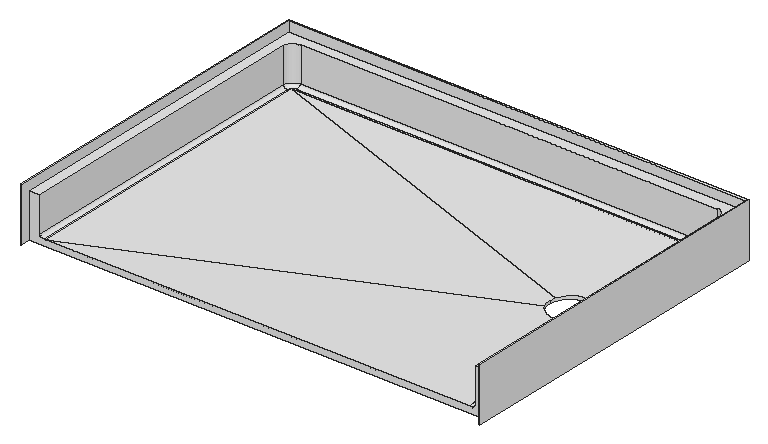
Revit family "P4834E5T,E2T,E5B,E2B", category Plumbing Fixtures, Revit 2017
Family settings
  Round Connector Dimension = Use Diameter
  Part Type = Normal
  OmniClass Number = 23.45.05.14.17
  OmniClass Title = Showers
  Work Plane-Based = No
  Always vertical = Yes
  Cut with Voids When Loaded = No
  Shared = No
  Room Calculation Point = No
Parameters (values of type "P4834E5T")
  Unit Width = 48"
  Unit Height = 5 5/8"
  Unit Depth = 35"
  URL = "http://www.bestbath.com/"
  Type Comments = "Barrier Free"
  Threshold Height = 5/8"
  Model = "P4834E5T"
  Material [instance] = Best Bath Gelcoat Fiberglass - Smooth
  Manufacturer = "Best Bath Systems, Inc."
  Keynote = "22 40 00.B3"
  Description = "Shower Pan, Traditional Bull Nose Threshold"
  Assembly Code = "D2010710"
Types (5): name | Unit Height | Threshold Height | Model | Description
  (no name) | 5 5/8" | 5/8" | "P4834E5T" | "Shower Pan, Traditional Bull Nose Threshold"
  P4834E2T | 7" | 2" | "P4834E2T" | "Shower Pan, Traditional Bull Nose Threshold"
  P4834E5T | 5 5/8" | 5/8" | "P4834E5T" | "Shower Pan, Traditional Bull Nose Threshold"
  P4834E5B | 5 5/8" | 5/8" | "P4834E5B" | "Shower Pan, Beveled Threshold"
  P4834E2B | 7" | 2" | "P4834E2B" | "Shower Pan, Beveled Threshold"
Reference planes (in)
  plane 1 "Back": y = -4.5
  plane 2: z = 0
  plane 3 "Left": x = 0
  plane 4: x = 48
  plane 5: z = 4.625
  plane 6: z = 5.625
  plane 7: x = 42
  plane 8: y = 29.5
  plane 9: y = 13.75
  plane 10: x = 1.25
  plane 11: x = 46.75
  plane 12: y = 28.25
  plane 13: z = 0.625
  plane 14: z = 0.25
  plane 15: y = -5.5
Forms (in)
  Extrusion 1, solid, material "Best Bath Gelcoat Fiberglass - Smooth"
    sketch origin (0, 0, 0) x (1, 0, 0) y (0, 1, 0)
      loop
        line (0, -4.5) -> (1.25, -4.5) -> (1.25, 27.25)
        arc (1.25, 27.25) -> (1.54289, 27.95711) -> (2.25, 28.25) r 1
        line (2.25, 28.25) -> (45.75, 28.25)
        arc (45.75, 28.25) -> (46.45711, 27.95711) -> (46.75, 27.25) r 1
        line (46.75, 27.25) -> (46.75, -4.5) -> (48, -4.5) -> (48, 29.5) -> (0, 29.5) -> (0, -4.5)
    from 0 to 4.625
  Extrusion 2, solid, material "Best Bath Gelcoat Fiberglass - Smooth"
    sketch origin (0, 0, 0) x (1, 0, 0) y (0, 1, 0)
      loop
        line (0, -4.5) -> (48, -4.5) -> (48, 29.5) -> (0, 29.5) -> (0, -4.5)
      loop
        circle (42, 13.75) r 2.125
    from 0 to 0.625
  Sweep 3, solid, material "Best Bath Gelcoat Fiberglass - Smooth"
    path origin (0, 0, 0) x (1, 0, 0) y (0, 1, 0)
      loop
        line (46.75, -4.5) -> (46.75, 27.25)
        arc (46.75, 27.25) -> (46.45711, 27.95711) -> (45.75, 28.25) r 1
        line (45.75, 28.25) -> (2.25, 28.25)
        arc (2.25, 28.25) -> (1.54289, 27.95711) -> (1.25, 27.25) r 1
        line (1.25, 27.25) -> (1.25, -4.5)
    profile origin (1.25, 11.375, 0) x (1, 0, 0) y (0, 0, 1)
      loop
        line (0, 0.625) -> (0.375, 0.625)
        arc (0.375, 0.625) -> (0.10983, 0.73483) -> (0, 1) r 0.375
        line (0, 1) -> (0, 0.625)
  Blend 4, void
    base sketch origin (0, 0, 0) x (1, 0, 0) y (0, 1, 0)
      loop
        line (1.875, -4.5) -> (46.125, -4.5) -> (46.125, 27.625) -> (1.875, 27.625) -> (1.875, -4.5)
    top sketch origin (0, 0, 0) x (1, 0, 0) y (0, 1, 0)
      loop
        circle (42, 13.75) r 0.10467
    from 0.625 to 0.25
  Extrusion 5, solid, material "Best Bath Gelcoat Fiberglass - Smooth"
    sketch origin (0, 0, 0) x (1, 0, 0) y (0, 1, 0)
      loop
        line (0, -5.5) -> (0.125, -5.5) -> (0.125, 29.375) -> (47.875, 29.375) -> (47.875, -5.5) -> (48, -5.5) -> (48, 29.5) -> (0, 29.5) -> (0, -5.5)
    from 0 to 5.625
Cuts and joins
  Blend 4 cuts Extrusion 1
  Blend 4 cuts Extrusion 2
  Blend 4 cuts Sweep 3
  joined: Extrusion 1, Extrusion 2, Sweep 3, Extrusion 5
Dimensions and locks (in)
  "Unit Width": plane 3 "Left" to plane 4
  locked: plane 6 to plane 5 at 1
  "Unit Height": plane 6 to level
  plane 3 "Left" to plane 7 to plane 4 = 42", 6"
  locked: plane 8 to plane 12 at 1.25
  locked: plane 11 to plane 4 at 1.25
  locked: plane 3 "Left" to plane 10 at 1.25
  plane 8 to plane 9 = 15 3/4"
  locked: plane 13 to plane 14 at 0.375
  "Threshold Height": plane 13 to level
  locked: plane 15 to plane 1 "Back" at 1
  "Unit Depth": plane 8 to plane 15
  aligned and locked: level to plane 2
  aligned and locked: plane 9 to Extrusion 2 sketch curve
  aligned and locked: plane 7 to Extrusion 2 sketch curve
  aligned and locked: Sweep 3 to plane 13
  aligned and locked: Sweep 3 sketch curve to plane 13
  aligned and locked: plane 13 to Extrusion 2
  aligned and locked: plane 9 to Blend 4 sketch curve
  aligned and locked: plane 7 to Blend 4 sketch curve
  aligned and locked: Extrusion 2 to Blend 4
  aligned and locked: Blend 4 to plane 14
  aligned and locked: plane 5 to Extrusion 1
  aligned and locked: plane 6 to Extrusion 5
Automatic sketch dimensions
  plane 1 "Back" to Extrusion 1 sketch curve = 0"  (x2)
  Extrusion 1 sketch curve to plane 3 "Left" = 0"
  Extrusion 1 sketch curve to plane 4 = 0"
  Extrusion 1 sketch curve to plane 8 = 0"
  Extrusion 1 sketch curve to plane 10 = 0"
  Extrusion 1 sketch curve to plane 12 = 0"
  Extrusion 1 sketch curve to plane 11 = 0"
  Extrusion 1 sketch curve to plane 12 = 1"
  plane 10 to Extrusion 1 sketch curve = 1"
  Extrusion 2 sketch curve to plane 4 = 0"
  Extrusion 2 sketch curve to plane 8 = 0"
  profile plane to Sweep 3 sketch curve = 0"
  Sweep 3 sketch curve to profile plane = 3/8"
  Extrusion 2 sketch curve to plane 3 "Left" = 0"
  plane 1 "Back" to Extrusion 2 sketch curve = 0"
  Sweep 3 sketch curve to plane 10 = 0"
  Sweep 3 sketch curve to plane 12 = 0"
  Sweep 3 sketch curve to plane 11 = 0"
  Sweep 3 sketch curve to plane 12 = 1"
  plane 1 "Back" to Sweep 3 sketch curve = 0"  (x2)
  plane 10 to Sweep 3 sketch curve = 1"
  plane 1 "Back" to Blend 4 sketch curve = 0"
  plane 10 to Blend 4 sketch curve = 5/8"
  Blend 4 sketch curve to plane 12 = 5/8"
  Blend 4 sketch curve to plane 11 = 5/8"
  Extrusion 5 sketch curve to plane 3 "Left" = 0"
  Extrusion 5 sketch curve to plane 15 = 0"  (x2)
  Extrusion 5 sketch curve to plane 4 = 0"
  Extrusion 5 sketch curve to plane 8 = 0"
  plane 3 "Left" to Extrusion 5 sketch curve = 1/8"
  Extrusion 5 sketch curve to Extrusion 5 sketch curve = 1/8"
  Extrusion 5 sketch curve to plane 8 = 1/8"
  radius of Extrusion 2 sketch curve = 2 1/8"
  radius of Blend 4 sketch curve = 0.10467"
